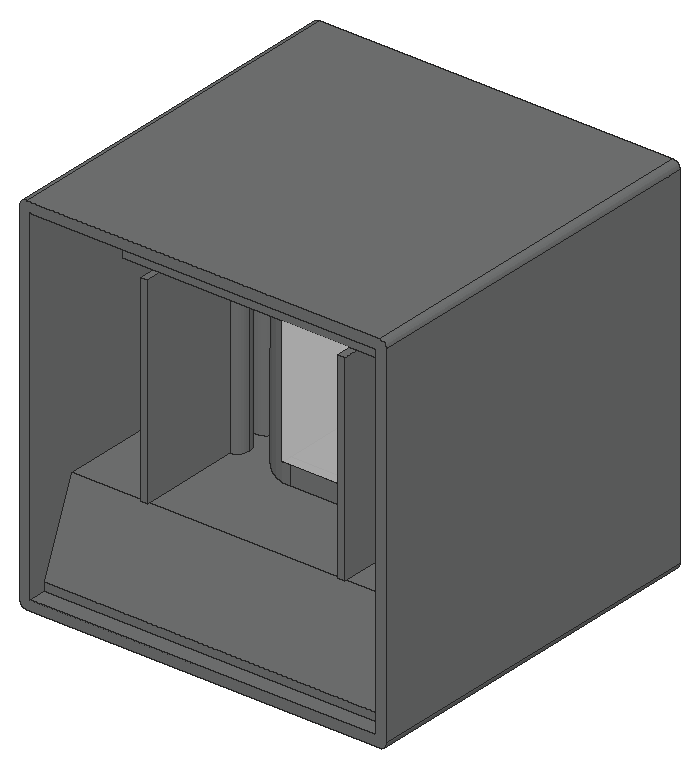
Revit family "0047813", category Lighting Fixtures, host Face, Revit 2016
Family settings
  Host = Face
  Part Type = Normal
  Round Connector Dimension = Use Diameter
  OmniClass Number = 23.80.70.11.17
  OmniClass Title = Specialized Lighting by Location or Use
  Cut with Voids When Loaded = No
  Light Source = Yes
  Shared = No
  Room Calculation Point = No
Parameters (values of type "0047813 VELITE WALL ADJUST BK UP AND DOWN 3000K")
  Width = 108.0 mm
  Wattage = 9.2903 W
  built-in parameter 1150110 = 1 (stored number, unit not read)
  UpRightSegmentAngleReal [instance] = if(UpRightSegmentAngle > 35.00°, 35.00°, if(UpRightSegmentAngle < -55.00°, -55.00°, UpRightSegmentAngle))  # 0.00°
  UpRightSegmentAngle [instance] = 0.00°
  UpLeftSegmentAngleReal [instance] = if(UpLeftSegmentAngle > 35.00°, 35.00°, if(UpLeftSegmentAngle < -55.00°, -55.00°, UpLeftSegmentAngle))  # 0.00°
  UpLeftSegmentAngle [instance] = 0.00°
  built-in parameter 1114217 = 1 (stored number, unit not read)
  Tilt Angle = 0.00°
  built-in parameter 1150109 = 1 (stored number, unit not read)
  built-in parameter 1150134 = 3
  built-in parameter 1150113 = 1 (stored number, unit not read)
  Segment Material = Aluminum_Sylvania_Velite_Black
  Rotateable Segment Width = Width / 2 - 20.0 mm  # 34.0 mm
  Rotateable Segment Height = Height - 49.0 mm  # 59.0 mm
  Photometric Web File = "0047813.ies"
  built-in parameter 1150105 = 109.82 (stored number, unit not read)
  Lumens = 1380 lm
  built-in parameter 1150115 = 1 (stored number, unit not read)
  built-in parameter 1150137 = (empty or 0)
  built-in parameter 1150139 = (empty or 0)
  Length = Width  # 108.0 mm
  Weight = 0.787 kg
  Voltage Comments = "UNV (Universal Voltage; 230-240 Volt)"  # constant formula
  Voltage = 240 V  # constant formula
  URL = "http://www.sylvania-lighting.com/product/en-int/products/0047813"
  Ta Rating = "-20°C to +45°C"  # constant formula
  Product Page URL = "http://www.sylvania-lighting.com/product/en-int/products/0047813"
  Product Family = ""
  Photometry Comments = ""
  Life = "25 000h"  # constant formula
  built-in parameter 1150112 = 1 (stored number, unit not read)
  built-in parameter 1150114 = 1 (stored number, unit not read)
  Lamp Comments = "Integrated LED"  # constant formula
  built-in parameter 1150132 = (empty or 0)
  built-in parameter 1150102 = (empty or 0)
  built-in parameter 1150107 = 3200 (stored number, unit not read)
  built-in parameter 1150138 = (empty or 0)
  built-in parameter 1150106 = 1.0982 (stored number, unit not read)
  IP Rating = "IP54"  # constant formula
  IK Rating = "IK05"  # constant formula
  Energy Class = "A++ A+ A"  # constant formula
  Emit from Rectangle Width = 49.5 mm
  Emit from Rectangle Length = 20.0 mm
  Emit Shape Visible in Rendering = no
  Electrical Protection = "CLASS I"  # constant formula
  built-in parameter 1150104 = 13.8 (stored number, unit not read)
  Drive Current = "300mA"
  DownRightSegmentAngleReal [instance] = if(DownRightSegmentAngle > 35.00°, 35.00°, if(DownRightSegmentAngle < -55.00°, -55.00°, DownRightSegmentAngle))  # 0.00°
  DownRightSegmentAngle [instance] = 0.00°
  DownLeftSegmentAngleReal [instance] = if(DownLeftSegmentAngle > 35.00°, 35.00°, if(DownLeftSegmentAngle < -55.00°, -55.00°, DownLeftSegmentAngle))  # 0.00°
  DownLeftSegmentAngle [instance] = 0.00°
  Dimming Lamp Color Temperature Shift = <None>
  Color Filter = 16777215
  Catalog Number = "0047813 VELITE WALL ADJUST BK UP AND DOWN 3000K"
  Body Material = Aluminum_Sylvania_Velite_Black
  Height = Width  # 108.0 mm
  built-in parameter 1114216 [instance] = 1 (stored number, unit not read)
  Model = "0047813 VELITE WALL ADJUST BK UP AND DOWN 3000K"
  Manufacturer = "Feilo Sylvania"  # constant formula
  Lamp = "LED"
  Diffuser Material = Polycarbonate_Sylvania_Velite_Clear
  Description = "A range of sleek and stylish Outdoor LED luminaires.Velite is perfect for lighting courtyards, gardens and exterior entrances.Design  meets IK05 requirements.Available in various shapes, sizes and colours of die cast aluminium luminaires.Range includes bollards and various wall mounted direct and direct/indirect luminaires.High efficient thermal design: ta -20 to +45oC.High performance: delivers up to 830 lm (luminaire lumen output), and up to 71lm/W (total system efficiency).Available in warm white (3,000K).Energy class: A++, A+, A.Lifetime: 30,000 hours life at 70% of the original output L70."  # constant formula
  Default Elevation = 0.0 mm
  built-in parameter 1140040 [instance] = 1
  built-in parameter 1114218 = 1 (stored number, unit not read)
  built-in parameter 1150133 = 10 (stored number, unit not read)
  Assembly Code = "D5020200"
  Apparent Load Comments = ""
  Apparent Load = 5 VA
Reference planes
  plane 1 "Center (Front/Back)": y = 0
  plane 2 "Fixture Back": z = 0
  plane 3 "Center (Left/Right)": x = 0
  plane 4 "Fixture Left": x = -54
  plane 5 "Fixture Right": x = 54
  plane 6 "Fixture Top": y = 54
  plane 7 "Fixture Bottom": y = -54
  plane 8 "Fixture Front": z = 108
  plane 9: x = -51
  plane 10: x = 51
  plane 11: z = 105
  plane 12: z = 3
  plane 13 "Center Segments": z = 59.5
  plane 14: z = 5.5
  plane 15: z = 30
  plane 16: y = 49
  plane 17: y = -49
  plane 18: y = 39
  plane 19: y = -39
  plane 20: x = 39
  plane 21: x = -39
  plane 22: y = 35
  plane 23: y = -35
  plane 24: z = 92
  plane 25: z = 89
  plane 26: y = 12.5
  plane 27: y = -12.5
  plane 28: x = 20
  plane 29: x = -20
  plane 30: z = 35.5
  plane 31: z = 85
  plane 32: x = -10
  plane 33: x = 10
  plane 34: y = -9.5
  plane 35: y = 9.5
  plane 36: y = 5.5
  plane 37: y = -5.5
  plane 38: x = -29
  plane 39: x = 29
Forms (mm)
  Extrusion 1, solid, material "Aluminum_Sylvania_Velite_Black" <- "Body Material", detail levels fine
    sketch origin (0, 0, 0) x (1, 0, 0) y (0, 0, 1)
      loop
        line (-51, 105) -> (-51, 3) -> (51, 3) -> (51, 105) -> (-51, 105)
      loop
        line (-54, 106) -> (-54, 2)
        arc (-54, 2) -> (-53.414, 0.586) -> (-52, 0) r 2
        line (-52, 0) -> (52, 0)
        arc (52, 0) -> (53.414, 0.586) -> (54, 2) r 2
        line (54, 2) -> (54, 106)
        arc (54, 106) -> (53.414, 107.414) -> (52, 108) r 2
        line (52, 108) -> (-52, 108)
        arc (-52, 108) -> (-53.414, 107.414) -> (-54, 106) r 2
    from -54 to 54
  Extrusion 2, solid, material "Aluminum_Sylvania_Velite_Black" <- "Body Material", detail levels fine
    sketch origin (0, 0, 0) x (0, 1, 0) y (0, 0, 1)
      loop
        line (49, 3) -> (49, 5.5) -> (39, 30) -> (-39, 30) -> (-49, 5.5) -> (-49, 3) -> (49, 3)
    from -51 to 51
  Extrusion 3, solid, material "Aluminum_Sylvania_Velite_Black" <- "Body Material", detail levels fine
    sketch origin (0, 0, 0) x (1, 0, 0) y (0, 1, 0)
      loop
        line (-39, 35) -> (-39, -35) -> (39, -35) -> (39, 35) -> (-39, 35)
    from 89 to 92
  Extrusion 4, solid, material "Aluminum_Sylvania_Velite_Black" <- "Body Material", detail levels fine
    sketch origin (0, 0, 0) x (1, 0, 0) y (0, 1, 0)
      loop
        line (-7.5, -12.5) -> (7.5, -12.5)
        arc (7.5, -12.5) -> (16.339, -8.839) -> (20, 0) r 12.5
        arc (20, 0) -> (16.339, 8.839) -> (7.5, 12.5) r 12.5
        line (7.5, 12.5) -> (-7.5, 12.5)
        arc (-7.5, 12.5) -> (-16.339, 8.839) -> (-20, 0) r 12.5
        arc (-20, 0) -> (-16.339, -8.839) -> (-7.5, -12.5) r 12.5
    from 30 to 89
  Extrusion 5, void
    sketch origin (0, 0, 0) x (1, 0, 0) y (0, 0, 1)
      loop
        line (10, 85) -> (-10, 85) -> (-10, 35.5) -> (10, 35.5) -> (10, 85)
    from -12.5 to 12.5
  Extrusion 6, solid, material "Polycarbonate_Sylvania_Velite_Clear" <- "Diffuser Material"
    sketch origin (0, 0, 0) x (1, 0, 0) y (0, 0, 1)
      loop
        line (-10, 85) -> (-10, 35.5) -> (10, 35.5) -> (10, 85) -> (-10, 85)
    from 9.5 to 12.5
  Extrusion 7, solid, material "Polycarbonate_Sylvania_Velite_Clear" <- "Diffuser Material"
    sketch origin (0, 0, 0) x (1, 0, 0) y (0, 0, 1)
      loop
        line (10, 85) -> (-10, 85) -> (-10, 35.5) -> (10, 35.5) -> (10, 85)
    from -9.5 to -12.5
  Extrusion 8, solid, material "Aluminum_Sylvania_Velite_Black" <- "Body Material", detail levels coarse+medium
    sketch origin (0, 0, 0) x (1, 0, 0) y (0, 0, 1)
      loop
        line (-54, 108) -> (-54, 0) -> (54, 0) -> (54, 108) -> (-54, 108)
      loop
        line (39, 92) -> (-39, 92) -> (-39, 30) -> (39, 30) -> (39, 92)
    from -54 to 54
  Extrusion 9, solid, material "Aluminum_Sylvania_Velite_Black" <- "Body Material", detail levels coarse+medium
    sketch origin (0, 0, 0) x (1, 0, 0) y (0, 0, 1)
      loop
        line (-20, 92) -> (-20, 30) -> (20, 30) -> (20, 92) -> (-20, 92)
      loop
        line (-10, 85) -> (-10, 35.5) -> (10, 35.5) -> (10, 85) -> (-10, 85)
    from -12.5 to 12.5
Cuts and joins
  Extrusion 5 cuts Extrusion 4
Lines and regions (mm)
  reference lines
    curve 1: line (-29, 5.5, 59.5) -> (-29, 45.5, 59.5)
    curve 2: line (29, 5.5, 59.5) -> (29, 45.5, 59.5)
    curve 3: line (-29, -5.5, 59.5) -> (-29, -47.052, 59.5)
    curve 4: line (29, -5.5, 59.5) -> (29, -43.423, 59.5)
Dimensions and locks
  equal spacing: plane 7 "Fixture Bottom", plane 1 "Center (Front/Back)", plane 6 "Fixture Top"
  "Width": plane 6 "Fixture Top" to plane 7 "Fixture Bottom"
  equal spacing: plane 4 "Fixture Left", plane 3 "Center (Left/Right)", plane 5 "Fixture Right"
  "Length": plane 4 "Fixture Left" to plane 5 "Fixture Right"
  "Height": plane 8 "Fixture Front" to plane 2 "Fixture Back"
  plane 30 to plane 15 to plane 14 to plane 12 to plane 2 "Fixture Back" = 5.5 mm locked, 24.5 mm locked, 2.5 mm locked, 3.0 mm locked
  plane 8 "Fixture Front" to plane 11 to plane 24 to plane 25 to plane 31 = 3.0 mm locked, 13.0 mm locked, 3.0 mm locked, 4.0 mm locked
  plane 6 "Fixture Top" to plane 16 to plane 18 to plane 22 = 5.0 mm locked, 10.0 mm locked, 4.0 mm locked
  plane 7 "Fixture Bottom" to plane 17 to plane 19 to plane 23 = 5.0 mm locked, 10.0 mm locked, 4.0 mm locked
  plane 4 "Fixture Left" to plane 9 to plane 21 = 3.0 mm locked, 12.0 mm locked
  plane 3 "Center (Left/Right)" to plane 33 to plane 28 to plane 39 = 10.0 mm locked, 10.0 mm locked, 9.0 mm locked
  equal spacing: plane 25, plane 13 "Center Segments", plane 15
  plane 27 to plane 34 to plane 37 to plane 1 "Center (Front/Back)" = 3.0 mm locked, 4.0 mm locked, 5.5 mm locked
  plane 26 to plane 35 to plane 36 to plane 1 "Center (Front/Back)" = 3.0 mm locked, 4.0 mm locked, 5.5 mm locked
  plane 38 to plane 29 to plane 32 to plane 3 "Center (Left/Right)" = 9.0 mm locked, 10.0 mm locked, 10.0 mm locked
  plane 20 to plane 10 to plane 5 "Fixture Right" = 12.0 mm locked, 3.0 mm locked
  "UpLeftSegmentAngleReal": angle plane 38 to curve 1
  "UpRightSegmentAngleReal": angle curve 2 to plane 39
  "DownLeftSegmentAngleReal": angle curve 3 to plane 38
  "DownRightSegmentAngleReal": angle plane 39 to curve 4
  aligned and locked: host face to plane 2 "Fixture Back"
  aligned and locked: level to host face
  aligned and locked: Extrusion 1 sketch curve to plane 9
  aligned and locked: Extrusion 1 sketch curve to plane 4 "Fixture Left"
  aligned and locked: Extrusion 1 sketch curve to plane 11
  aligned and locked: Extrusion 1 sketch curve to plane 8 "Fixture Front"
  aligned and locked: plane 10 to Extrusion 1 sketch curve
  aligned and locked: plane 5 "Fixture Right" to Extrusion 1 sketch curve
  aligned and locked: Extrusion 1 sketch curve to plane 12
  aligned and locked: Extrusion 1 sketch curve to plane 2 "Fixture Back"
  aligned and locked: plane 6 "Fixture Top" to Extrusion 1
  aligned and locked: plane 7 "Fixture Bottom" to Extrusion 1
  aligned and locked: plane 15 to Extrusion 2 sketch curve
  aligned and locked: plane 16 to Extrusion 2 sketch curve  (x2)
  aligned and locked: Extrusion 2 sketch curve to plane 17
  aligned and locked: plane 18 to Extrusion 2 sketch curve
  aligned and locked: plane 19 to Extrusion 2 sketch curve
  aligned and locked: plane 17 to Extrusion 2 sketch curve
  aligned and locked: Extrusion 2 to plane 10
  aligned and locked: Extrusion 2 to plane 9
  aligned and locked: Extrusion 2 sketch curve to plane 12
  aligned and locked: Extrusion 3 sketch curve to plane 22
  aligned and locked: plane 23 to Extrusion 3 sketch curve
  aligned and locked: Extrusion 3 sketch curve to plane 21
  aligned and locked: plane 20 to Extrusion 3 sketch curve
  aligned and locked: plane 24 to Extrusion 3
  aligned and locked: Extrusion 3 to plane 25
  aligned and locked: plane 27 to Extrusion 4 sketch curve
  aligned and locked: Extrusion 4 sketch curve to plane 26
  aligned and locked: plane 25 to Extrusion 4
  aligned and locked: Extrusion 4 to plane 15
  aligned and locked: plane 33 to Extrusion 5 sketch curve
  aligned and locked: Extrusion 5 sketch curve to plane 32
  aligned and locked: Extrusion 5 sketch curve to plane 31
  aligned and locked: Extrusion 5 sketch curve to plane 30
  aligned and locked: plane 26 to Extrusion 5
  aligned and locked: plane 27 to Extrusion 5
  aligned and locked: Extrusion 6 sketch curve to plane 32
  aligned and locked: plane 33 to Extrusion 6 sketch curve
  aligned and locked: Extrusion 6 sketch curve to plane 31
  aligned and locked: Extrusion 6 sketch curve to plane 30
  aligned and locked: plane 33 to Extrusion 7 sketch curve
  aligned and locked: Extrusion 7 sketch curve to plane 32
  aligned and locked: Extrusion 7 sketch curve to plane 31
  aligned and locked: Extrusion 7 sketch curve to plane 30
  aligned and locked: Extrusion 7 to plane 35
  aligned and locked: plane 26 to Extrusion 7
  aligned and locked: Extrusion 6 to plane 34
  aligned and locked: plane 27 to Extrusion 6
  aligned and locked: plane 36 to curve 1
  aligned and locked: plane 38 to curve 1
  aligned and locked: plane 36 to curve 2
  aligned and locked: plane 39 to curve 2
  aligned and locked: plane 37 to curve 4
  aligned and locked: plane 39 to curve 4
  aligned and locked: plane 37 to curve 3
  aligned and locked: plane 38 to curve 3
  aligned and locked: nested 1 to curve 1
  aligned and locked: nested 2 to curve 3
  aligned and locked: nested 3 to curve 2
  aligned and locked: nested 4 to curve 4
  aligned and locked: plane 13 "Center Segments" to nested 4
  aligned and locked: plane 13 "Center Segments" to nested 3
  aligned and locked: plane 13 "Center Segments" to nested 1
  aligned and locked: plane 13 "Center Segments" to nested 2
  aligned and locked: Extrusion 8 sketch curve to plane 8 "Fixture Front"
  aligned and locked: plane 5 "Fixture Right" to Extrusion 8 sketch curve
  aligned and locked: Extrusion 8 sketch curve to plane 4 "Fixture Left"
  aligned and locked: Extrusion 8 sketch curve to plane 2 "Fixture Back"
  aligned and locked: plane 20 to Extrusion 8 sketch curve
  aligned and locked: Extrusion 8 sketch curve to plane 21
  aligned and locked: Extrusion 8 sketch curve to plane 24
  aligned and locked: Extrusion 8 sketch curve to plane 15
  aligned and locked: plane 6 "Fixture Top" to Extrusion 8
  aligned and locked: plane 7 "Fixture Bottom" to Extrusion 8
  aligned and locked: Extrusion 9 sketch curve to plane 29
  aligned and locked: plane 28 to Extrusion 9 sketch curve
  aligned and locked: Extrusion 9 sketch curve to plane 15
  aligned and locked: Extrusion 9 sketch curve to plane 31
  aligned and locked: Extrusion 9 sketch curve to plane 30
  aligned and locked: plane 33 to Extrusion 9 sketch curve
  aligned and locked: Extrusion 9 sketch curve to plane 32
  aligned and locked: plane 26 to Extrusion 9
  aligned and locked: plane 27 to Extrusion 9
  aligned and locked: Extrusion 9 sketch curve to plane 24
  aligned and locked: imposter light to plane 1 "Center (Front/Back)"
  aligned and locked: imposter light to plane 13 "Center Segments"
Automatic sketch dimensions
  host sketch curve to host sketch curve = 447.379 mm
  host sketch curve to host sketch curve = 434.165 mm
  Extrusion 2 sketch curve to plane 14 = 0.0 mm  (x2)
  Extrusion 4 sketch curve to Extrusion 4 sketch curve = 0.0 mm  (x3)
  plane 3 "Center (Left/Right)" to Extrusion 4 sketch curve = 7.5 mm
  Extrusion 4 sketch curve to plane 3 "Center (Left/Right)" = 7.5 mm
  Extrusion 1 sketch curve to plane 9 = 1.0 mm  (x2)
  Extrusion 1 sketch curve to plane 12 = 1.0 mm
  Extrusion 1 sketch curve to plane 10 = 1.0 mm
Nested families
  nested 1: "Rotateable Segment" at (-41.949, 5.5, 30), type "Rotateable Segment", detail levels fine
  nested 2: "Rotateable Segment" at (-16.051, -5.5, 30) x (-1, 0, 0) z (0, 0, 1), type "Rotateable Segment", detail levels fine
  nested 3: "Rotateable Segment" at (16.051, 5.5, 30), type "Rotateable Segment", detail levels fine
  nested 4: "Rotateable Segment" at (41.949, -5.5, 30) x (-1, 0, 0) z (0, 0, 1), type "Rotateable Segment", detail levels fine
Connectors
  electrical at (0, 0, 0), driven by "Voltage", driven by "Apparent Load"
    settings: on Extrusion 8, index 1, voltage 240 V, apparent load 0 VA, apparent load phase1 5 VA, apparent load phase2 0 VA, apparent load phase3 0 VA, power factor 1, load classification "Lighting", number of poles 1, system type 31, power factor state 1, is connector primary yes, connector utility no, sub classification motor no, connector description ""
Definition of nested family "Rotateable Segment"
  Parameters
    Thickness = 2.0 mm  # constant formula
    Segment Material = none
    Height = 59.0 mm
    Width = 34.0 mm
    Default Elevation = 0.0 mm
  Reference planes
    plane 1 "Center (Front/Back)": y = 0
    plane 2: z = 0
    plane 3 "Center (Left/Right)": x = 12.949
    plane 4: y = 34
    plane 5: y = 3.8
    plane 6: x = 13.949
    plane 7: x = 11.949
    plane 8: y = 1.7
    plane 9: z = 59
    plane 10: z = 29.5
  Forms (mm)
    Extrusion 1, solid, material <- "Segment Material"
      sketch origin (0, 0, 0) x (1, 0, 0) y (0, 1, 0)
        loop
          circle (12.949, 0) r 3.8
        loop
          circle (12.949, 0) r 1.7
      from 0 to 59
    Extrusion 2, solid, material <- "Segment Material"
      sketch origin (0, 0, 0) x (1, 0, 0) y (0, 1, 0)
        loop
          line (13.949, 34) -> (11.949, 34) -> (11.949, 1.7) -> (13.949, 1.7) -> (13.949, 34)
      from 0 to 59
  Cuts and joins
    joined: Extrusion 1, Extrusion 2
  Dimensions and locks
    "Width": plane 1 "Center (Front/Back)" to plane 4
    equal spacing: plane 7, plane 3 "Center (Left/Right)", plane 6
    "Thickness": plane 7 to plane 6
    "Height": plane 9 to plane 2
    equal spacing: plane 9, plane 10, plane 2
    plane 5 to plane 8 to plane 1 "Center (Front/Back)" = 2.1 mm locked, 1.7 mm locked
    aligned and locked: level to plane 2
    aligned and locked: Extrusion 2 sketch curve to plane 6
    aligned and locked: plane 7 to Extrusion 2 sketch curve
    aligned and locked: Extrusion 2 sketch curve to plane 4
    aligned and locked: Extrusion 2 sketch curve to plane 8
    aligned and locked: plane 9 to cut or joined group of Extrusion 1, Extrusion 2  (x2)
  Automatic sketch dimensions
    Extrusion 1 sketch curve to Extrusion 1 sketch curve = 0.0 mm  (x2)
    plane 1 "Center (Front/Back)" to Extrusion 1 sketch curve = 0.0 mm
    Extrusion 1 sketch curve to plane 3 "Center (Left/Right)" = 0.0 mm
    radius of Extrusion 1 sketch curve = 3.8 mm
    radius of Extrusion 1 sketch curve = 1.7 mm
